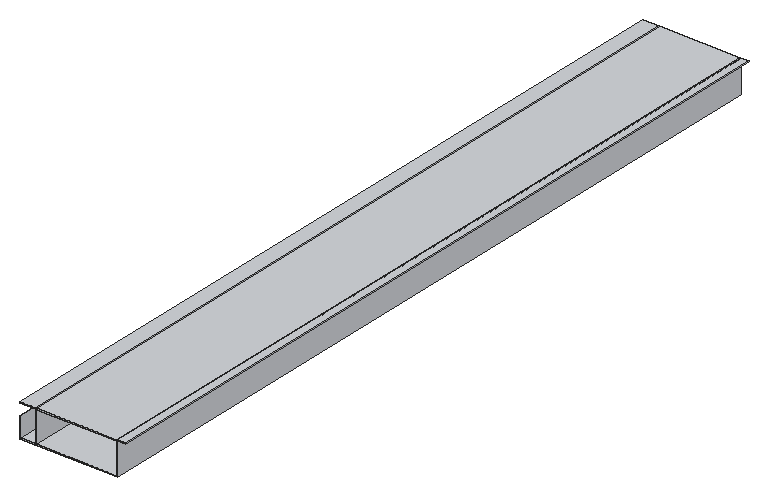
Revit family "Bürstenleisten-Kanalsystem OKB_Kanaleinheit_mit_Bürstenleiste_ohne_Nivelliereinheiten", category Generic Models, Revit 2015
Parameters (values of type "OKB U 25085 BLON")
  Width = 250 mm
  URL = "http://www.obo-bettermann.com"
  Material = Steel, Galvanized
  Manufacturer Art. No. = "7403816"
  Manufacturer = "OBO Bettermann"
  Lenght [instance] = 2000 mm
  Height = 85 mm
  GTIN = "4012195845935"
  Article Type = "OKB U 25085 BLON"
Reference planes
  plane 1 "Center (Front/Back)": y = 0
  plane 2: z = 0
  plane 3 "Center (Left/Right)": x = 0
  plane 4: x = 125
  plane 5: x = -125
  plane 6: x = -84
  plane 7: z = 85
  plane 8: z = 82
  plane 9: x = -123
  plane 10: x = -82
  plane 11: x = 123
  plane 12: z = 2
  plane 13: z = 83
  plane 14: z = 52
  plane 15: y = -2000
Forms (mm)
  Extrusion 1, solid
    sketch origin (0, 0, 0) x (1, 0, 0) y (0, 0, 1)
      loop
        line (145, 85) -> (123, 85) -> (123, 2) -> (-123, 2) -> (-123, 52) -> (-125, 52) -> (-125, 0) -> (125, 0) -> (125, 83) -> (145, 83) -> (145, 85)
      loop
        line (-84, 83) -> (-84, 85) -> (-125, 85) -> (-125, 83) -> (-84, 83)
    from 0 to 2000
  Extrusion 2, solid
    sketch origin (0, 0, 0) x (1, 0, 0) y (0, 0, 1)
      loop
        line (-84, 85) -> (-84, 2) -> (-82, 2) -> (-82, 82) -> (123, 82) -> (123, 85) -> (-84, 85)
    from 0 to 2000
Lines and regions (mm)
  model lines
    curve 1: line (-125, 0, 52) -> (-125, 0, 0)
    curve 2: line (-125, 0, 0) -> (125, 0, 0)
    curve 3: line (125, 0, 0) -> (125, 0, 83)
    curve 4: line (123, 0, 85) -> (123, 0, 2)
    curve 5: line (123, 0, 2) -> (-123, 0, 2)
    curve 6: line (-123, 0, 2) -> (-123, 0, 52)
    curve 7: line (-123, 0, 52) -> (-125, 0, 52)
    curve 8: line (-84, 0, 85) -> (-84, 0, 2)
    curve 9: line (-84, 0, 82) -> (123, 0, 82)
    curve 10: line (123, 0, 85) -> (-84, 0, 85)
    curve 11: line (-84, 0, 83) -> (-125, 0, 83)
    curve 12: line (-125, 0, 83) -> (-125, 0, 85)
    curve 13: line (-125, 0, 85) -> (-84, 0, 85)
    curve 14: line (-82, 0, 82) -> (-82, 0, 2)
    curve 15: line (125, 0, 83) -> (145, 0, 83)
    curve 16: line (145, 0, 83) -> (145, 0, 85)
    curve 17: line (145, 0, 85) -> (123, 0, 85)
    curve 18: line (-84, -2000, 0) -> (125, -2000, 0)
Dimensions and locks
  locked: level to plane 12 at 2
  locked: plane 8 to plane 7 at 3
  locked: plane 13 to plane 7 at 2
  locked: plane 11 to plane 4 at 2
  locked: plane 6 to plane 10 at 2
  locked: plane 5 to plane 9 at 2
  locked: level to plane 14 at 52
  "Width": plane 5 to plane 4
  plane 10 to plane 11 = 205 mm
  equal spacing: plane 5, plane 3 "Center (Left/Right)", plane 4
  locked: plane 4 to curve 16 at 20
  locked: curve 4 to curve 14 at 205
  "Height": level to plane 7
  "Lenght": plane 1 "Center (Front/Back)" to plane 15
  aligned and locked: level to plane 2
  aligned and locked: plane 5 to curve 1
  aligned and locked: curve 2 to plane 2
  aligned and locked: curve 3 to plane 4
  aligned and locked: plane 11 to curve 4
  aligned and locked: plane 12 to curve 5
  aligned and locked: curve 6 to plane 9
  aligned and locked: curve 7 to plane 14
  aligned and locked: plane 6 to curve 8
  aligned and locked: curve 9 to plane 8
  aligned and locked: plane 13 to curve 11
  aligned and locked: curve 12 to plane 5
  aligned and locked: curve 13 to plane 7
  aligned and locked: curve 15 to plane 13
  aligned and locked: Extrusion 1 sketch curve to curve 17
  aligned and locked: Extrusion 1 sketch curve to curve 16
  aligned and locked: Extrusion 1 sketch curve to curve 15
  aligned and locked: Extrusion 1 sketch curve to curve 3
  aligned and locked: Extrusion 1 sketch curve to curve 4
  aligned and locked: Extrusion 1 sketch curve to curve 5
  aligned and locked: Extrusion 1 sketch curve to curve 2
  aligned and locked: Extrusion 1 sketch curve to curve 6
  aligned and locked: Extrusion 1 sketch curve to curve 1
  aligned and locked: Extrusion 1 sketch curve to curve 7
  aligned and locked: Extrusion 1 sketch curve to curve 11
  aligned and locked: Extrusion 1 sketch curve to curve 13
  aligned and locked: Extrusion 1 sketch curve to curve 12
  aligned and locked: Extrusion 1 sketch curve to curve 8
  aligned and locked: curve 18 to plane 15
  aligned and locked: Extrusion 1 to plane 15
  aligned and locked: curve 8 to Extrusion 2 sketch curve
  aligned and locked: Extrusion 2 sketch curve to curve 14
  aligned and locked: Extrusion 2 sketch curve to curve 4
  aligned and locked: Extrusion 2 sketch curve to plane 8
  aligned and locked: plane 12 to Extrusion 2 sketch curve
  aligned and locked: Extrusion 2 sketch curve to curve 10
  aligned and locked: Extrusion 2 to plane 15
Automatic sketch dimensions
  curve 18 to plane 6 = 0 mm
  curve 18 to plane 4 = 0 mm
